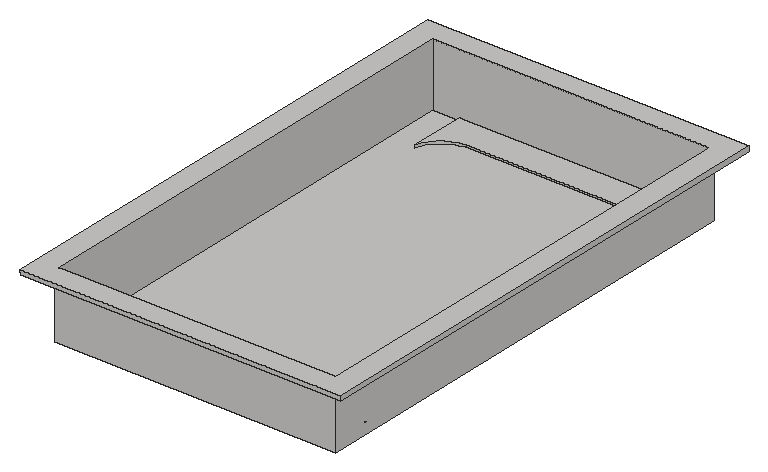
Revit family "379990", category Specialty Equipment, host Face, Revit 2018
Family settings
  Host = Face
  Round Connector Dimension = Use Diameter
  Part Type = Normal
  OmniClass Number = 23.40.20.21.14
  OmniClass Title = Hand and Hair Dryers
  Cut with Voids When Loaded = No
  Shared = No
  Room Calculation Point = No
Parameters (values of type "Recess Kit")
  Version = "2017 - v1.0b"  # constant formula
  Mounting Note [instance] = "For correct placement, match Elevation to Mounting Height."  # constant formula
  Width = 1' - 2 3/8"  # constant formula
  URL = "http://www.exceldryer.com/index.php"
  Teenagers Washroom Mounting Height [instance] = yes
  Product Page URL = "http://www.exceldryer.com/products_xlerator.php#xlerator_accessories"
  Product Name = " XLERATOR ADA Compliant Recess Kit"  # constant formula
  Product Documentation Link = "http://www.exceldryer.com/pdfs/2014/Excel2014XChangerSell.pdf"
  Mounting Height [instance] = if(Teenagers Washroom Mounting Height, 3' 5", if(Men's Washroom Mounting Height, 3' 9", if(Ladies Washroom Mounting Height, 3' 7", if(Handicapped Washroom Mounting Height, 3' 1", if(Children's Washroom Mounting Height, 2' 11", 3' 5")))))  # 3' - 5"
  Model = "#40502 Recess Kit"  # constant formula
  Men's Washroom Mounting Height [instance] = no
  Material = ""
  Manufacturer Phone Number = "800-255-9235"  # constant formula
  Manufacturer Fax Number = "1-413-525-2853"  # constant formula
  Manufacturer Email = "mailto:sales@exceldryer.com"
  Manufacturer Address = "357 Chestnut St. P. O. Box 365, East Longmeadow, MA 01028"  # constant formula
  Manufacturer = "Excel Dryer"  # constant formula
  Ladies Washroom Mounting Height [instance] = no
  Keynote = "10 28 13"
  Height = 2' - 0 1/8"  # constant formula
  Handicapped Washroom Mounting Height [instance] = no
  Frame Width = 1' - 4 3/8"  # constant formula
  Frame Height = 2' - 2"  # constant formula
  Description = "ADA Compliant Recess Kit"  # constant formula
  Depth = 0' - 3 3/8"  # constant formula
  Default Elevation = 2' - 11 1/2"
  Copyright = "© 2019 Excel Dryer. All Rights Reserved."  # constant formula
  Children's Washroom Mounting Height [instance] = no
  Body = Metal - Excel Dryer - Stainless Stainless - #4 Satin - Finish
  Assembly Code = "C1090.4040"
Types (2): name | Assembly Code
  (no name) | "C1030200"
  Recess Kit | "C1090.4040"
Reference planes (in)
  plane 1 "Center (Front/Back)": y = 0
  plane 2: z = 0
  plane 3 "Center (Left/Right)": x = 0
  plane 4 "Left": x = -7.1875
  plane 5 "Right": x = 7.1875
  plane 6 "Top": y = 12.0625
  plane 7 "Bottom": y = -12.0625
  plane 8 "Front": z = 0.25
  plane 9 "Back": z = -3.125
  plane 10: x = -7.0625
  plane 11: x = 7.0625
  plane 12: y = -11.9375
  plane 13: y = 11.9375
  plane 14: x = -8.1875
  plane 15: x = 8.1875
  plane 16: y = -13
  plane 17: y = 13
  plane 18 "Bottom of Dryer": y = -2.0625
Forms (in)
  Extrusion 1, solid, material "Metal - Excel Dryer - Stainless Stainless - #4 Satin - Finish" <- "Body"
    sketch origin (17.66692, -0.125, -0.25) x (0, 1, 0) y (0, 0, 1)
      loop
        line (12.0625, -2.875) -> (12.0625, -2.75) -> (-9.13145, -2.75)
        arc (-9.13145, -2.75) -> (-10.9317, -1.50424) -> (-11.8125, 0.5) r 4.02106
        line (-11.8125, 0.5) -> (-11.8125, -2.875) -> (12.0625, -2.875)
    from -24.72942 to -10.60442
  Extrusion 2, solid, material "Metal - Excel Dryer - Stainless Stainless - #4 Satin - Finish" <- "Body"
    sketch origin (-0.01837, -0.10244, -3.25) x (1, 0, 0) y (0, 1, 0)
      loop
        arc (-5.67477, 9.19544) -> (-5.12107, 10.10232) -> (-4.13001, 10.48549) r 1.65468
        line (-4.13001, 10.48549) -> (4.05797, 10.48549)
        arc (4.05797, 10.48549) -> (5.09147, 10.1722) -> (5.71151, 9.28799) r 1.65452
        line (5.71151, 9.28799) -> (5.71151, 12.03994) -> (-5.67477, 12.03994) -> (-5.67477, 9.19544)
    from 0.25 to 0.375
  Extrusion 3, void
    sketch origin (0, 0, 0) x (1, 0, 0) y (0, 1, 0)
      loop
        line (-7.1875, 12.0625) -> (-7.1875, -12.0625) -> (7.1875, -12.0625) -> (7.1875, 12.0625) -> (-7.1875, 12.0625)
    from -3.125 to 0
  Extrusion 4, solid, material "Metal - Excel Dryer - Stainless Stainless - #4 Satin - Finish" <- "Body"
    sketch origin (0, 0, 0) x (1, 0, 0) y (0, 1, 0)
      loop
        line (-7.1875, 12.0625) -> (-7.1875, -12.0625) -> (7.1875, -12.0625) -> (7.1875, 12.0625) -> (-7.1875, 12.0625)
      loop
        line (-7.0625, 11.9375) -> (-7.0625, -11.9375) -> (7.0625, -11.9375) -> (7.0625, 11.9375) -> (-7.0625, 11.9375)
    from -3.125 to 0
  Extrusion 5, solid, material "Metal - Excel Dryer - Stainless Stainless - #4 Satin - Finish" <- "Body"
    sketch origin (0, 0, 0) x (1, 0, 0) y (0, 1, 0)
      loop
        line (-8.1875, 13) -> (-8.1875, -13) -> (8.1875, -13) -> (8.1875, 13) -> (-8.1875, 13)
      loop
        line (-7.0625, 11.9375) -> (-7.0625, -11.9375) -> (7.0625, -11.9375) -> (7.0625, 11.9375) -> (-7.0625, 11.9375)
    from 0 to 0.25
Cuts and joins
  joined: Extrusion 1, Extrusion 2, Extrusion 4, Extrusion 5
Lines and regions (in)
  Masking region 1
    outline origin (0, 0, 0) x (1, 0, 0) y (0, 0, 1)
      loop
        line (-8.1875, 0.25) -> (-8.1875, 0) -> (8.1875, 0) -> (8.1875, 0.25) -> (-8.1875, 0.25)
  Masking region 2
    outline origin (0, 0, 0) x (1, 0, 0) y (0, 0, 1)
      loop
        line (-7.1875, 0) -> (-7.1875, -3.125) -> (7.1875, -3.125) -> (7.1875, 0) -> (-7.1875, 0)
Dimensions and locks (in)
  equal spacing: plane 4 "Left", plane 3 "Center (Left/Right)", plane 5 "Right"
  "Width": plane 4 "Left" to plane 5 "Right"
  equal spacing: plane 7 "Bottom", plane 1 "Center (Front/Back)", plane 6 "Top"
  "Height": plane 7 "Bottom" to plane 6 "Top"
  "Depth": plane 8 "Front" to plane 9 "Back"
  locked: plane 8 "Front" to plane 2 at 0.25
  locked: plane 6 "Top" to plane 13 at 0.125
  locked: plane 7 "Bottom" to plane 12 at 0.125
  locked: plane 4 "Left" to plane 10 at 0.125
  locked: plane 11 to plane 5 "Right" at 0.125
  Extrusion 1 sketch curve to Extrusion 1 sketch curve to plane 9 "Back" = 0' - 3.80458" locked, 0' - 0 1/8" locked
  locked: Extrusion 1 sketch curve to plane 12 at 3.98263
  equal spacing: plane 17, plane 1 "Center (Front/Back)", plane 16
  equal spacing: plane 14, plane 3 "Center (Left/Right)", plane 15
  "Frame Width": plane 14 to plane 15
  "Frame Height": plane 17 to plane 16
  Extrusion 2 sketch curve to Extrusion 2 sketch curve to plane 3 "Center (Left/Right)" to Extrusion 2 sketch curve to Extrusion 2 sketch curve = 0' - 1.61434" locked, 0' - 4.0788" locked, 0' - 4.10265" locked, 0' - 1.59049" locked
  plane 13 to Extrusion 2 sketch curve to Extrusion 2 sketch curve to Extrusion 2 sketch curve = 0' - 1.55445" locked, 0' - 1.65322" locked, 0' - 0.0001" locked
  Extrusion 2 to Extrusion 2 to plane 9 "Back" = 0' - 0 1/8" locked, 0' - 0 1/8" locked
  locked: plane 7 "Bottom" to plane 18 "Bottom of Dryer" at 10
  aligned and locked: plane 2 to host face
  aligned and locked: level to host face
  aligned and locked: Extrusion 3 sketch curve to plane 6 "Top"
  aligned and locked: plane 4 "Left" to Extrusion 3 sketch curve
  aligned and locked: Extrusion 3 sketch curve to plane 7 "Bottom"
  aligned and locked: plane 5 "Right" to Extrusion 3 sketch curve
  aligned and locked: Extrusion 3 to plane 9 "Back"
  aligned and locked: plane 2 to Extrusion 3
  aligned and locked: Extrusion 4 sketch curve to plane 6 "Top"
  aligned and locked: plane 4 "Left" to Extrusion 4 sketch curve
  aligned and locked: Extrusion 4 sketch curve to plane 7 "Bottom"
  aligned and locked: plane 5 "Right" to Extrusion 4 sketch curve
  aligned and locked: Extrusion 4 to plane 9 "Back"
  aligned and locked: plane 2 to Extrusion 4
  aligned and locked: Extrusion 1 sketch curve to plane 9 "Back"
  aligned and locked: Extrusion 4 sketch curve to plane 13
  aligned and locked: Extrusion 4 sketch curve to plane 11
  aligned and locked: plane 12 to Extrusion 4 sketch curve
  aligned and locked: plane 10 to Extrusion 4 sketch curve
  aligned and locked: plane 13 to Extrusion 1 sketch curve
  aligned and locked: Extrusion 1 sketch curve to plane 12
  aligned and locked: Extrusion 1 to plane 10
  aligned and locked: plane 11 to Extrusion 1
  aligned and locked: Extrusion 5 sketch curve to plane 15
  aligned and locked: plane 16 to Extrusion 5 sketch curve
  aligned and locked: plane 14 to Extrusion 5 sketch curve
  aligned and locked: Extrusion 5 sketch curve to plane 17
  aligned and locked: Extrusion 5 sketch curve to plane 13
  aligned and locked: plane 10 to Extrusion 5 sketch curve
  aligned and locked: Extrusion 5 sketch curve to plane 11
  aligned and locked: plane 12 to Extrusion 5 sketch curve
  aligned and locked: plane 8 "Front" to Extrusion 5
  aligned and locked: plane 13 to Extrusion 2 sketch curve
  aligned and locked: Masking region 1 sketch curve to cut or joined group of Extrusion 1, Extrusion 2, Extrusion 4, Extrusion 5  (x4)
  aligned and locked: cut or joined group of Extrusion 1, Extrusion 2, Extrusion 4, Extrusion 5 to Masking region 2 sketch curve
  aligned and locked: Masking region 2 sketch curve to cut or joined group of Extrusion 1, Extrusion 2, Extrusion 4, Extrusion 5  (x3)
Automatic sketch dimensions
  host sketch curve to host sketch curve = 8' - 0"  (x2)
  Extrusion 2 sketch curve to Extrusion 2 sketch curve = 0' - 0.06958"
  Extrusion 2 sketch curve to Extrusion 2 sketch curve = 0' - 0.06305"
  Extrusion 1 sketch curve to plane 8 "Front" = 0' - 0"
